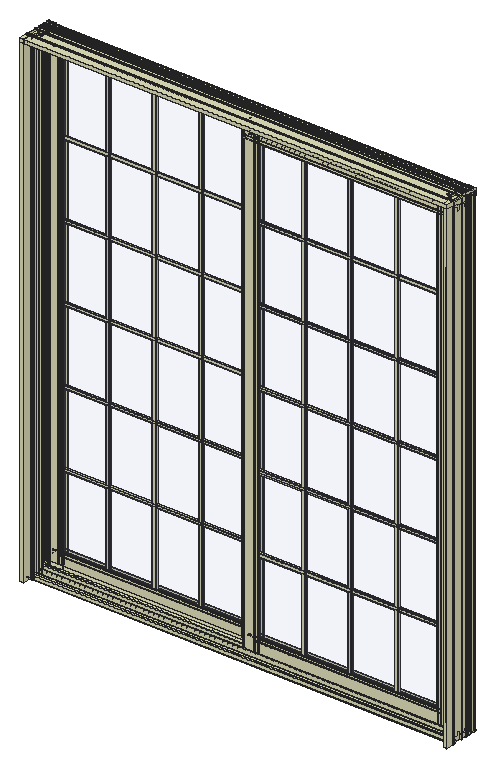
Revit family (continued)
Automatic sketch dimensions
  Sweep 25 sketch curve to Sweep 25 sketch curve = 0' - 0.48261"
  Sweep 25 sketch curve to Sweep 25 sketch curve = 0' - 0.0188"
  plane 52 "Glazing Exterior - Exterior2" to Sweep 25 sketch curve = 0' - 1.76456"
  Sweep 25 sketch curve to Sweep 25 sketch curve = 0' - 0.0504"
  plane 52 "Glazing Exterior - Exterior2" to Sweep 25 sketch curve = 0' - 1.76985"
  Sweep 25 sketch curve to Sweep 25 sketch curve = 0' - 0.0291"
  Sweep 25 sketch curve to Sweep 25 sketch curve = 0' - 0"
  plane 52 "Glazing Exterior - Exterior2" to Sweep 25 sketch curve = 0' - 1.76154"
  Sweep 25 sketch curve to Sweep 25 sketch curve = 0' - 0.02838"
  plane 52 "Glazing Exterior - Exterior2" to Sweep 25 sketch curve = 0' - 1.70099"
  Sweep 25 sketch curve to Sweep 25 sketch curve = 0' - 0.11194"
  Sweep 25 sketch curve to Sweep 25 sketch curve = 0' - 0.00625"
  plane 52 "Glazing Exterior - Exterior2" to Sweep 25 sketch curve = 0' - 1.69607"
  Sweep 25 sketch curve to Sweep 25 sketch curve = 0' - 0.01066"
  Sweep 25 sketch curve to Sweep 25 sketch curve = 0' - 0.02285"
  Sweep 26 sketch curve to plane 39 = 0' - 0"
  Sweep 26 sketch curve to plane 40 = 0' - 0"
  plane 19 "Glazing Exterior - Exterior" to Sweep 26 sketch curve = 0' - 2.38117"  (x2)
  plane 19 "Glazing Exterior - Exterior" to Sweep 26 sketch curve = 0' - 2.34878"  (x6)
  Sweep 26 sketch curve to plane 149 = 0' - 0.15945"  (x2)
  Sweep 26 sketch curve to Sweep 26 sketch curve = 0' - 0.0187"  (x12)
  plane 148 to Sweep 26 sketch curve = 0' - 0.17815"  (x2)
  Sweep 26 sketch curve to plane 147 = 0' - 0.15945"  (x2)
  plane 146 to Sweep 26 sketch curve = 0' - 0.17815"  (x2)
  Sweep 26 sketch curve to plane 144 = 0' - 0.15945"  (x2)
  plane 145 to Sweep 26 sketch curve = 0' - 0.17815"  (x2)
  plane 19 "Glazing Exterior - Exterior" to Sweep 26 sketch curve = 0' - 2.33196"  (x6)
  Sweep 26 sketch curve to Sweep 26 sketch curve = 0' - 0.1378"  (x6)
  Sweep 26 sketch curve to Sweep 26 sketch curve = 0' - 0.01682"  (x6)
  Sweep 26 sketch curve to Sweep 26 sketch curve = 0' - 0.03239"  (x4)
  Sweep 27 sketch curve to plane 40 = 0' - 0"
  Sweep 27 sketch curve to plane 39 = 0' - 0"
  plane 52 "Glazing Exterior - Exterior2" to Sweep 27 sketch curve = 0' - 1.13106"  (x2)
  plane 52 "Glazing Exterior - Exterior2" to Sweep 27 sketch curve = 0' - 1.16345"  (x6)
  plane 151 to Sweep 27 sketch curve = 0' - 0.15945"  (x2)
  Sweep 27 sketch curve to Sweep 27 sketch curve = 0' - 0.0187"  (x12)
  Sweep 27 sketch curve to plane 150 = 0' - 0.17815"  (x2)
  Sweep 27 sketch curve to plane 155 = 0' - 0.15945"  (x2)
  plane 154 to Sweep 27 sketch curve = 0' - 0.17815"  (x2)
  plane 152 to Sweep 27 sketch curve = 0' - 0.15945"  (x2)
  Sweep 27 sketch curve to plane 153 = 0' - 0.17815"  (x2)
  plane 52 "Glazing Exterior - Exterior2" to Sweep 27 sketch curve = 0' - 1.18027"  (x6)
  Sweep 27 sketch curve to Sweep 27 sketch curve = 0' - 0.1378"  (x6)
  Sweep 27 sketch curve to Sweep 27 sketch curve = 0' - 0.01682"  (x6)
  Sweep 27 sketch curve to Sweep 27 sketch curve = 0' - 0.03239"  (x4)
  Sweep 28 sketch curve to plane 39 = 0' - 0"
  Sweep 28 sketch curve to plane 40 = 0' - 0"
  plane 19 "Glazing Exterior - Exterior" to Sweep 28 sketch curve = 0' - 2.34878"  (x4)
  Sweep 28 sketch curve to plane 69 = 0' - 0.15945"  (x2)
  Sweep 28 sketch curve to Sweep 28 sketch curve = 0' - 0.0187"  (x8)
  plane 70 to Sweep 28 sketch curve = 0' - 0.17815"  (x2)
  Sweep 28 sketch curve to plane 71 = 0' - 0.15945"  (x2)
  plane 72 to Sweep 28 sketch curve = 0' - 0.17815"  (x2)
  plane 19 "Glazing Exterior - Exterior" to Sweep 28 sketch curve = 0' - 2.33196"  (x4)
  Sweep 28 sketch curve to Sweep 28 sketch curve = 0' - 0.1378"  (x4)
  Sweep 28 sketch curve to Sweep 28 sketch curve = 0' - 0.01682"  (x4)
  Sweep 28 sketch curve to Sweep 28 sketch curve = 0' - 0.03239"  (x4)
  Sweep 29 sketch curve to plane 40 = 0' - 0"
  Sweep 29 sketch curve to plane 39 = 0' - 0"
  Sweep 29 sketch curve to plane 73 = 0' - 0.15945"  (x2)
  Sweep 29 sketch curve to Sweep 29 sketch curve = 0' - 0.03239"  (x6)
  plane 74 to Sweep 29 sketch curve = 0' - 0.15945"  (x2)
  plane 76 to Sweep 29 sketch curve = 0' - 0.15945"  (x2)
  Sweep 29 sketch curve to plane 75 = 0' - 0.15945"  (x2)
  Sweep 29 sketch curve to Sweep 29 sketch curve = 0' - 0.01682"  (x8)
  Sweep 29 sketch curve to Sweep 29 sketch curve = 0' - 0.1378"  (x4)
  Sweep 29 sketch curve to Sweep 29 sketch curve = 0' - 0.0187"  (x8)
  Sweep 30 sketch curve to plane 44 = 0' - 0"
  Sweep 30 sketch curve to plane 78 = 0' - 0"
  Sweep 30 sketch curve to plane 42 = 0' - 0"
  plane 19 "Glazing Exterior - Exterior" to Sweep 30 sketch curve = 0' - 2.38117"  (x2)
  plane 19 "Glazing Exterior - Exterior" to Sweep 30 sketch curve = 0' - 2.34878"  (x10)
  plane 85 to Sweep 30 sketch curve = 0' - 0.15945"  (x2)
  Sweep 30 sketch curve to Sweep 30 sketch curve = 0' - 0.0187"  (x20)
  Sweep 30 sketch curve to plane 84 = 0' - 0.17815"  (x2)
  plane 166 to Sweep 30 sketch curve = 0' - 0.15945"  (x2)
  Sweep 30 sketch curve to plane 167 = 0' - 0.17815"  (x2)
  plane 83 to Sweep 30 sketch curve = 0' - 0.15945"  (x2)
  Sweep 30 sketch curve to plane 82 = 0' - 0.17815"  (x2)
  plane 164 to Sweep 30 sketch curve = 0' - 0.15945"  (x2)
  Sweep 30 sketch curve to plane 165 = 0' - 0.17815"  (x2)
  plane 80 to Sweep 30 sketch curve = 0' - 0.15945"  (x2)
  Sweep 30 sketch curve to plane 81 = 0' - 0.17815"  (x2)
  plane 19 "Glazing Exterior - Exterior" to Sweep 30 sketch curve = 0' - 2.33196"  (x10)
  Sweep 30 sketch curve to Sweep 30 sketch curve = 0' - 0.1378"  (x10)
  Sweep 30 sketch curve to Sweep 30 sketch curve = 0' - 0.01682"  (x10)
  Sweep 30 sketch curve to Sweep 30 sketch curve = 0' - 0.03239"  (x8)
  Sweep 31 sketch curve to plane 43 = 0' - 0"
  Sweep 31 sketch curve to plane 41 = 0' - 0"
  Sweep 31 sketch curve to plane 78 = 0' - 0"
  plane 52 "Glazing Exterior - Exterior2" to Sweep 31 sketch curve = 0' - 1.13106"  (x2)
  plane 52 "Glazing Exterior - Exterior2" to Sweep 31 sketch curve = 0' - 1.16345"  (x10)
  Sweep 31 sketch curve to plane 87 = 0' - 0.15945"  (x2)
  Sweep 31 sketch curve to Sweep 31 sketch curve = 0' - 0.0187"  (x20)
  plane 86 to Sweep 31 sketch curve = 0' - 0.17815"  (x2)
  Sweep 31 sketch curve to plane 169 = 0' - 0.15945"  (x2)
  plane 168 to Sweep 31 sketch curve = 0' - 0.17815"  (x2)
  Sweep 31 sketch curve to plane 89 = 0' - 0.15945"  (x2)
  plane 88 to Sweep 31 sketch curve = 0' - 0.17815"  (x2)
  Sweep 31 sketch curve to plane 171 = 0' - 0.15945"  (x2)
  plane 170 to Sweep 31 sketch curve = 0' - 0.17815"  (x2)
  Sweep 31 sketch curve to plane 91 = 0' - 0.15945"  (x2)
  plane 90 to Sweep 31 sketch curve = 0' - 0.17815"  (x2)
  plane 52 "Glazing Exterior - Exterior2" to Sweep 31 sketch curve = 0' - 1.18027"  (x10)
  Sweep 31 sketch curve to Sweep 31 sketch curve = 0' - 0.1378"  (x10)
  Sweep 31 sketch curve to Sweep 31 sketch curve = 0' - 0.01682"  (x10)
  Sweep 31 sketch curve to Sweep 31 sketch curve = 0' - 0.03239"  (x8)
  Sweep 32 sketch curve to plane 44 = 0' - 0"
  Sweep 32 sketch curve to plane 78 = 0' - 0"
  Sweep 32 sketch curve to plane 42 = 0' - 0"
  plane 19 "Glazing Exterior - Exterior" to Sweep 32 sketch curve = 0' - 2.38117"  (x2)
  plane 102 to Sweep 32 sketch curve = 0' - 0.15945"  (x2)
  plane 19 "Glazing Exterior - Exterior" to Sweep 32 sketch curve = 0' - 2.34878"  (x12)
  Sweep 32 sketch curve to Sweep 32 sketch curve = 0' - 0.0187"  (x24)
  Sweep 32 sketch curve to plane 103 = 0' - 0.17815"  (x2)
  plane 158 to Sweep 32 sketch curve = 0' - 0.15945"  (x2)
  Sweep 32 sketch curve to plane 159 = 0' - 0.17815"  (x2)
  plane 100 to Sweep 32 sketch curve = 0' - 0.15945"  (x2)
  Sweep 32 sketch curve to plane 101 = 0' - 0.17815"  (x2)
  plane 98 to Sweep 32 sketch curve = 0' - 0.15945"  (x2)
  Sweep 32 sketch curve to plane 99 = 0' - 0.17815"  (x2)
  plane 156 to Sweep 32 sketch curve = 0' - 0.15945"  (x2)
  Sweep 32 sketch curve to plane 157 = 0' - 0.17815"  (x2)
  plane 96 to Sweep 32 sketch curve = 0' - 0.15945"  (x2)
  Sweep 32 sketch curve to plane 97 = 0' - 0.17815"  (x2)
  plane 19 "Glazing Exterior - Exterior" to Sweep 32 sketch curve = 0' - 2.33196"  (x12)
  Sweep 32 sketch curve to Sweep 32 sketch curve = 0' - 0.1378"  (x12)
  Sweep 32 sketch curve to Sweep 32 sketch curve = 0' - 0.01682"  (x12)
  Sweep 32 sketch curve to Sweep 32 sketch curve = 0' - 0.03239"  (x10)
  Sweep 33 sketch curve to plane 43 = 0' - 0"
  Sweep 33 sketch curve to plane 41 = 0' - 0"
  Sweep 33 sketch curve to plane 78 = 0' - 0"
  plane 52 "Glazing Exterior - Exterior2" to Sweep 33 sketch curve = 0' - 1.13106"  (x2)
  plane 52 "Glazing Exterior - Exterior2" to Sweep 33 sketch curve = 0' - 1.16345"  (x12)
  Sweep 33 sketch curve to plane 105 = 0' - 0.15945"  (x2)
  Sweep 33 sketch curve to Sweep 33 sketch curve = 0' - 0.0187"  (x24)
  plane 104 to Sweep 33 sketch curve = 0' - 0.17815"  (x2)
  Sweep 33 sketch curve to plane 161 = 0' - 0.15945"  (x2)
  plane 160 to Sweep 33 sketch curve = 0' - 0.17815"  (x2)
  Sweep 33 sketch curve to plane 107 = 0' - 0.15945"  (x2)
  plane 106 to Sweep 33 sketch curve = 0' - 0.17815"  (x2)
  Sweep 33 sketch curve to plane 109 = 0' - 0.15945"  (x2)
  plane 108 to Sweep 33 sketch curve = 0' - 0.17815"  (x2)
  Sweep 33 sketch curve to plane 163 = 0' - 0.15945"  (x2)
  plane 162 to Sweep 33 sketch curve = 0' - 0.17815"  (x2)
  Sweep 33 sketch curve to plane 111 = 0' - 0.15945"  (x2)
  plane 110 to Sweep 33 sketch curve = 0' - 0.17815"  (x2)
  plane 52 "Glazing Exterior - Exterior2" to Sweep 33 sketch curve = 0' - 1.18027"  (x12)
  Sweep 33 sketch curve to Sweep 33 sketch curve = 0' - 0.1378"  (x12)
  Sweep 33 sketch curve to Sweep 33 sketch curve = 0' - 0.01682"  (x12)
  Sweep 33 sketch curve to Sweep 33 sketch curve = 0' - 0.03239"  (x10)
  Sweep 34 sketch curve to plane 39 = 0' - 0"
  Sweep 34 sketch curve to plane 40 = 0' - 0"
  plane 19 "Glazing Exterior - Exterior" to Sweep 34 sketch curve = 0' - 2.38117"  (x2)
  plane 113 to Sweep 34 sketch curve = 0' - 0.15945"  (x2)
  plane 19 "Glazing Exterior - Exterior" to Sweep 34 sketch curve = 0' - 2.34878"  (x4)
  Sweep 34 sketch curve to Sweep 34 sketch curve = 0' - 0.0187"  (x8)
  Sweep 34 sketch curve to plane 114 = 0' - 0.17815"  (x2)
  Sweep 34 sketch curve to plane 139 = 0' - 0.15945"  (x2)
  plane 138 to Sweep 34 sketch curve = 0' - 0.17815"  (x2)
  plane 19 "Glazing Exterior - Exterior" to Sweep 34 sketch curve = 0' - 2.33196"  (x4)
  Sweep 34 sketch curve to Sweep 34 sketch curve = 0' - 0.1378"  (x4)
  Sweep 34 sketch curve to Sweep 34 sketch curve = 0' - 0.01682"  (x4)
  Sweep 34 sketch curve to Sweep 34 sketch curve = 0' - 0.03239"  (x2)
  Sweep 35 sketch curve to plane 40 = 0' - 0"
  Sweep 35 sketch curve to plane 39 = 0' - 0"
  plane 52 "Glazing Exterior - Exterior2" to Sweep 35 sketch curve = 0' - 1.13106"  (x2)
  plane 52 "Glazing Exterior - Exterior2" to Sweep 35 sketch curve = 0' - 1.16345"  (x4)
  plane 52 "Glazing Exterior - Exterior2" to Sweep 35 sketch curve = 0' - 1.18027"  (x4)
  Sweep 35 sketch curve to Sweep 35 sketch curve = 0' - 0.1378"  (x4)
  Sweep 35 sketch curve to Sweep 35 sketch curve = 0' - 0.01682"  (x4)
  Sweep 35 sketch curve to Sweep 35 sketch curve = 0' - 0.03239"  (x2)
  plane 135 to Sweep 35 sketch curve = 0' - 0.15945"  (x2)
  Sweep 35 sketch curve to Sweep 35 sketch curve = 0' - 0.0187"  (x8)
  Sweep 35 sketch curve to plane 136 = 0' - 0.17815"  (x2)
  Sweep 35 sketch curve to plane 117 = 0' - 0.15945"  (x2)
  plane 116 to Sweep 35 sketch curve = 0' - 0.17815"  (x2)
  Sweep 36 sketch curve to plane 44 = 0' - 0"
  Sweep 36 sketch curve to plane 78 = 0' - 0"
  Sweep 36 sketch curve to plane 42 = 0' - 0"
  plane 19 "Glazing Exterior - Exterior" to Sweep 36 sketch curve = 0' - 2.38117"  (x2)
  Sweep 36 sketch curve to plane 122 = 0' - 0.15945"  (x2)
  plane 19 "Glazing Exterior - Exterior" to Sweep 36 sketch curve = 0' - 2.34878"  (x4)
  Sweep 36 sketch curve to Sweep 36 sketch curve = 0' - 0.0187"  (x8)
  plane 121 to Sweep 36 sketch curve = 0' - 0.17815"  (x2)
  plane 118 to Sweep 36 sketch curve = 0' - 0.15945"  (x2)
  Sweep 36 sketch curve to plane 119 = 0' - 0.17815"  (x2)
  plane 19 "Glazing Exterior - Exterior" to Sweep 36 sketch curve = 0' - 2.33196"  (x4)
  Sweep 36 sketch curve to Sweep 36 sketch curve = 0' - 0.1378"  (x4)
  Sweep 36 sketch curve to Sweep 36 sketch curve = 0' - 0.01682"  (x4)
  Sweep 36 sketch curve to Sweep 36 sketch curve = 0' - 0.03239"  (x2)
  Sweep 37 sketch curve to plane 43 = 0' - 0"
  Sweep 37 sketch curve to plane 41 = 0' - 0"
  Sweep 37 sketch curve to plane 78 = 0' - 0"
  plane 52 "Glazing Exterior - Exterior2" to Sweep 37 sketch curve = 0' - 1.13106"  (x2)
  plane 52 "Glazing Exterior - Exterior2" to Sweep 37 sketch curve = 0' - 1.16345"  (x4)
  Sweep 37 sketch curve to plane 125 = 0' - 0.15945"  (x2)
  Sweep 37 sketch curve to Sweep 37 sketch curve = 0' - 0.0187"  (x8)
  plane 124 to Sweep 37 sketch curve = 0' - 0.17815"  (x2)
  plane 127 to Sweep 37 sketch curve = 0' - 0.15945"  (x2)
  Sweep 37 sketch curve to plane 128 = 0' - 0.17815"  (x2)
  plane 52 "Glazing Exterior - Exterior2" to Sweep 37 sketch curve = 0' - 1.18027"  (x4)
  Sweep 37 sketch curve to Sweep 37 sketch curve = 0' - 0.1378"  (x4)
  Sweep 37 sketch curve to Sweep 37 sketch curve = 0' - 0.01682"  (x4)
  Sweep 37 sketch curve to Sweep 37 sketch curve = 0' - 0.03239"  (x2)
  Sweep 38 sketch curve to plane 12 "Right Sash" = 0' - 0"
  Sweep 38 sketch curve to Sweep 38 sketch curve = 0' - 0"  (x11)
  profile plane to Sweep 38 sketch curve = 0' - 0.064"
  profile plane to Sweep 38 sketch curve = 0' - 0.00892"
  Sweep 38 sketch curve to profile plane = 0' - 0.03211"
  Sweep 38 sketch curve to profile plane = 0' - 0.03608"  (x2)
  Sweep 38 sketch curve to Sweep 38 sketch curve = 0' - 0.00004"
  plane 10 "Set Back" to Sweep 38 sketch curve = 0' - 2.33522"
  Sweep 38 sketch curve to Sweep 38 sketch curve = 0' - 1.44287"
  Sweep 38 sketch curve to Sweep 38 sketch curve = 0' - 0.045"  (x2)
  Sweep 38 sketch curve to Sweep 38 sketch curve = 0' - 0.02759"
  Sweep 38 sketch curve to Sweep 38 sketch curve = 0' - 0.0615"
  Sweep 38 sketch curve to Sweep 38 sketch curve = 0' - 0.00676"
  Sweep 38 sketch curve to Sweep 38 sketch curve = 0' - 0.01"  (x2)
  Sweep 38 sketch curve to Sweep 38 sketch curve = 0' - 0.00592"
  Sweep 38 sketch curve to Sweep 38 sketch curve = 0' - 0.13915"  (x2)
  plane 10 "Set Back" to Sweep 38 sketch curve = 0' - 2.48471"
  Sweep 38 sketch curve to Sweep 38 sketch curve = 0' - 0 1/256"
  Sweep 38 sketch curve to Sweep 38 sketch curve = 0' - 0.13703"
  Sweep 38 sketch curve to Sweep 38 sketch curve = 0' - 0.00838"
  Sweep 38 sketch curve to Sweep 38 sketch curve = 0' - 0.01167"
  Sweep 38 sketch curve to Sweep 38 sketch curve = 0' - 0.03562"
  Sweep 38 sketch curve to Sweep 38 sketch curve = 0' - 0.04108"
  Sweep 38 sketch curve to Sweep 38 sketch curve = 0' - 0.04718"
  Sweep 38 sketch curve to Sweep 38 sketch curve = 0' - 0.03372"
  Sweep 38 sketch curve to Sweep 38 sketch curve = 0' - 0.07"
  Sweep 38 sketch curve to Sweep 38 sketch curve = 0' - 0.10138"
  Sweep 38 sketch curve to Sweep 38 sketch curve = 0' - 0.05214"
  Sweep 38 sketch curve to Sweep 38 sketch curve = 0' - 0.39697"
  Sweep 38 sketch curve to Sweep 38 sketch curve = 0' - 0.01189"
  Sweep 38 sketch curve to Sweep 38 sketch curve = 0' - 0.02"
  Sweep 38 sketch curve to Sweep 38 sketch curve = 0' - 0.01099"
  Sweep 38 sketch curve to Sweep 38 sketch curve = 0' - 0.03346"
  Sweep 38 sketch curve to Sweep 38 sketch curve = 0' - 0.01654"
  Sweep 38 sketch curve to Sweep 38 sketch curve = 0' - 0.20433"
  Sweep 38 sketch curve to Sweep 38 sketch curve = 0' - 0.00006"
  Sweep 38 sketch curve to Sweep 38 sketch curve = 0' - 0.00499"
  Sweep 38 sketch curve to Sweep 38 sketch curve = 0' - 0.03237"
  Sweep 38 sketch curve to Sweep 38 sketch curve = 0' - 0.00572"
  Sweep 38 sketch curve to Sweep 38 sketch curve = 0' - 0.05108"
  Sweep 38 sketch curve to Sweep 38 sketch curve = 0' - 0.79144"
  Sweep 38 sketch curve to Sweep 38 sketch curve = 0' - 0.011"
  Sweep 39 sketch curve to plane 11 "Left Sash" = 0' - 0"
  Sweep 39 sketch curve to plane 56 = 0' - 0"
  Sweep 39 sketch curve to Sweep 39 sketch curve = 0' - 0"  (x11)
  profile plane to Sweep 39 sketch curve = 0' - 0.064"
  profile plane to Sweep 39 sketch curve = 0' - 0.00892"
  Sweep 39 sketch curve to profile plane = 0' - 0.03211"
  Sweep 39 sketch curve to profile plane = 0' - 0.03608"  (x2)
  Sweep 39 sketch curve to Sweep 39 sketch curve = 0' - 0.00004"
  Sweep 39 sketch curve to Sweep 39 sketch curve = 0' - 1.44287"
  Sweep 39 sketch curve to Sweep 39 sketch curve = 0' - 0.045"  (x2)
  Sweep 39 sketch curve to Sweep 39 sketch curve = 0' - 0.02759"
  Sweep 39 sketch curve to Sweep 39 sketch curve = 0' - 0.0615"
  Sweep 39 sketch curve to Sweep 39 sketch curve = 0' - 0.00676"
  Sweep 39 sketch curve to Sweep 39 sketch curve = 0' - 0.01"  (x2)
  Sweep 39 sketch curve to Sweep 39 sketch curve = 0' - 0.00592"
  Sweep 39 sketch curve to Sweep 39 sketch curve = 0' - 0.13915"  (x2)
  Sweep 39 sketch curve to Sweep 39 sketch curve = 0' - 0 1/256"
  Sweep 39 sketch curve to Sweep 39 sketch curve = 0' - 0.13703"
  Sweep 39 sketch curve to Sweep 39 sketch curve = 0' - 0.00838"
  Sweep 39 sketch curve to Sweep 39 sketch curve = 0' - 0.01167"
  Sweep 39 sketch curve to Sweep 39 sketch curve = 0' - 0.03562"
  Sweep 39 sketch curve to Sweep 39 sketch curve = 0' - 0.04108"
  Sweep 39 sketch curve to Sweep 39 sketch curve = 0' - 0.04718"
  Sweep 39 sketch curve to Sweep 39 sketch curve = 0' - 0.03372"
  Sweep 39 sketch curve to Sweep 39 sketch curve = 0' - 0.07"
  Sweep 39 sketch curve to Sweep 39 sketch curve = 0' - 0.10138"
  Sweep 39 sketch curve to Sweep 39 sketch curve = 0' - 0.05214"
  Sweep 39 sketch curve to Sweep 39 sketch curve = 0' - 0.39697"
  Sweep 39 sketch curve to Sweep 39 sketch curve = 0' - 0.01189"
  Sweep 39 sketch curve to Sweep 39 sketch curve = 0' - 0.02"
  Sweep 39 sketch curve to Sweep 39 sketch curve = 0' - 0.01099"
  Sweep 39 sketch curve to Sweep 39 sketch curve = 0' - 0.03346"
  Sweep 39 sketch curve to Sweep 39 sketch curve = 0' - 0.01654"
  plane 10 "Set Back" to Sweep 39 sketch curve = 0' - 0.47881"
  Sweep 39 sketch curve to Sweep 39 sketch curve = 0' - 0.00006"
  Sweep 39 sketch curve to Sweep 39 sketch curve = 0' - 0.0449"
  Sweep 39 sketch curve to Sweep 39 sketch curve = 0' - 0.00499"
  Sweep 39 sketch curve to Sweep 39 sketch curve = 0' - 0.03237"
  Sweep 39 sketch curve to Sweep 39 sketch curve = 0' - 0.00572"
  Sweep 39 sketch curve to Sweep 39 sketch curve = 0' - 0.1262"
  Sweep 39 sketch curve to Sweep 39 sketch curve = 0' - 0.01865"
  Sweep 39 sketch curve to Sweep 39 sketch curve = 0' - 0.79144"
  Sweep 39 sketch curve to Sweep 39 sketch curve = 0' - 0.011"
  Sweep 40 sketch curve to plane 16 "Sill (Interior)" = 0' - 0"
  Sweep 40 sketch curve to plane 15 "Head (Interior)" = 0' - 0"
  Sweep 40 sketch curve to Sweep 40 sketch curve = 0' - 0"  (x4)
  plane 10 "Set Back" to Sweep 40 sketch curve = 0' - 0.64237"
  Sweep 40 sketch curve to Sweep 40 sketch curve = 0' - 0.00157"
  Sweep 40 sketch curve to Sweep 40 sketch curve = 0' - 1.08255"
  Sweep 40 sketch curve to Sweep 40 sketch curve = 0' - 0.02"  (x2)
  Sweep 40 sketch curve to Sweep 40 sketch curve = 0' - 0.03"  (x2)
  Sweep 40 sketch curve to Sweep 40 sketch curve = 0' - 0.191"
  Sweep 40 sketch curve to Sweep 40 sketch curve = 0' - 0.276"
  Sweep 40 sketch curve to profile plane = 0' - 1.48034"
  Sweep 40 sketch curve to Sweep 40 sketch curve = 0' - 0.168"
  Sweep 40 sketch curve to Sweep 40 sketch curve = 0' - 0.225"
  Sweep 40 sketch curve to Sweep 40 sketch curve = 0' - 0.05996"
  profile plane to Sweep 41 sketch curve = 0' - 0 13/16"
  Sweep 41 sketch curve to Sweep 41 sketch curve = 0' - 0.1035"
  profile plane to Sweep 41 sketch curve = 0' - 0.584"
  Sweep 41 sketch curve to Sweep 41 sketch curve = 0' - 0.10003"
  Sweep 41 sketch curve to Sweep 41 sketch curve = 0' - 0.04864"
  Sweep 41 sketch curve to Sweep 41 sketch curve = 0' - 0.00733"
  Sweep 41 sketch curve to Sweep 41 sketch curve = 0' - 0.1"
  Sweep 41 sketch curve to Sweep 41 sketch curve = 0' - 0.11548"
  Sweep 41 sketch curve to Sweep 41 sketch curve = 0' - 0.09702"
  profile plane to Sweep 41 sketch curve = 0' - 0.144"
  Sweep 41 sketch curve to Sweep 41 sketch curve = 0' - 0.046"  (x2)
  profile plane to Sweep 41 sketch curve = 0' - 0.016"
  Sweep 41 sketch curve to profile plane = 0' - 0.11804"
  Sweep 41 sketch curve to profile plane = 0' - 0.12409"
  Sweep 41 sketch curve to Sweep 41 sketch curve = 0' - 0.0038"
  Sweep 41 sketch curve to profile plane = 0' - 0.18"
  Sweep 41 sketch curve to Sweep 41 sketch curve = 0' - 0.06391"
  Sweep 41 sketch curve to profile plane = 0' - 0.188"
  Sweep 41 sketch curve to Sweep 41 sketch curve = 0' - 0.10424"
  Sweep 41 sketch curve to Sweep 41 sketch curve = 0' - 0.07"
  Sweep 41 sketch curve to Sweep 41 sketch curve = 0' - 0.062"  (x2)
  plane 10 "Set Back" to Sweep 41 sketch curve = 0' - 1 105/128"
  Sweep 41 sketch curve to Sweep 41 sketch curve = 0' - 0.07011"
  Sweep 41 sketch curve to Sweep 41 sketch curve = 0' - 0.09369"
  Sweep 41 sketch curve to Sweep 41 sketch curve = 0' - 0.04697"
  Sweep 41 sketch curve to Sweep 41 sketch curve = 0' - 0.06173"
  Sweep 41 sketch curve to Sweep 41 sketch curve = 0' - 0.03902"
  Sweep 41 sketch curve to Sweep 41 sketch curve = 0' - 0.07089"
  Sweep 41 sketch curve to Sweep 41 sketch curve = 0' - 0.00502"
  Sweep 41 sketch curve to Sweep 41 sketch curve = 0' - 0.23331"
  Sweep 41 sketch curve to Sweep 41 sketch curve = 0' - 0.13614"
  Sweep 41 sketch curve to Sweep 41 sketch curve = 0' - 0.00468"
  Sweep 41 sketch curve to Sweep 41 sketch curve = 0' - 0.06416"
  Sweep 41 sketch curve to Sweep 41 sketch curve = 0' - 0.82142"
  Sweep 41 sketch curve to Sweep 41 sketch curve = 0' - 0.98398"
  Sweep 41 sketch curve to Sweep 41 sketch curve = 0' - 0.41775"
  Sweep 41 sketch curve to Sweep 41 sketch curve = 0' - 0.188"
  Sweep 41 sketch curve to Sweep 41 sketch curve = 0' - 0.204"
  curve 2 to plane 78 = 0' - 0"
  curve 2 to plane 172 = 0' - 0"
  curve 2 to plane 173 = 0' - 0"
  curve 1 to plane 174 = 0' - 0"
  curve 3 to plane 175 = 0' - 0"
  plane 50 "Glazing Interior - Exterior2" to Sweep 29 sketch curve = 0' - 2.02684"  (x2)
